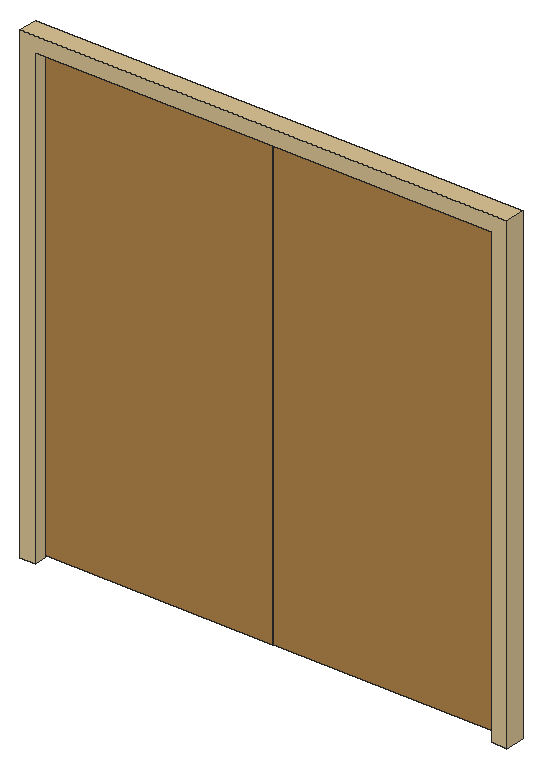
Revit family "DAL_A3-Garage-Timber-Side-Hung-(1)", category Doors, host Wall, Revit 2016
Family settings
  Host = Wall
  Always vertical = Yes
  Cut with Voids When Loaded = No
  Shared = No
  Room Calculation Point = No
Parameters (values of type "2271 x 2205mm Garage Door")
  Wrap Layers (Ext) from Ext = 102.5 mm
  Wrap Layers (Int) from Ext = 177.5 mm
  Vis - Cavity Closers = yes
  Thickness = Door Panel Thickness  # 32.0 mm
  Stile Top Rail = 100.0 mm
  Stile Shutting = 75.0 mm
  Stile Lock Rail = 200.0 mm
  Stile Hanging = 75.0 mm
  Stile Bottom Rail = 25.0 mm
  Rough Width = Width  # 2271.0 mm
  Rough Height = Height  # 2205.0 mm
  Operation = "DoubleDoorSingleSwing"
  O/A Frame Width = 64.0 mm
  Manufacturer = "Revit"
  Keynote = "L20"
  Handle Z Distance = 1050.0 mm
  Glazing Panel Height = 450.0 mm
  Function = Interior
  FrameWidth = 42.0 mm
  FrameOffset - External = 25.0 mm
  FrameDepth = 89.0 mm
  Door Panel Thickness = 32.0 mm
  Height = 2205.0 mm
  Material Door = Door - Panel
  Material Frame = Door -  Frame/Mullion
  Structural Tolerance = 8.0 mm
  Tolerance = 3.0 mm
  Undercut = 10.0 mm
  Wall Closure = By host
  Width = 2271.0 mm
  Cavity Closer Width = 50.0 mm
  Cavity Closer Offset from Ext = 102.5 mm
  Cavity Closer Depth = 85.0 mm
Types (2, lengths in mm): name | Stile Top Rail | Stile Shutting | Stile Hanging | Stile Bottom Rail | Rough Height | Height | Cavity Closer Depth
  2271 x 2052mm | 200.0 | 100.0 | 175.0 | 250.0 | 2052.0 | 2052.0 | 75.0
  2271 x 2205mm Garage Door | 100.0 | 75.0 | 75.0 | 25.0 | 2205.0 | 2205.0 | 85.0
Reference planes
  plane 1: y = 0
  plane 2 "Center L/R": x = 0
  plane 3 "Left": x = -1135.5
  plane 4 "Right": x = 1135.5
  plane 5 "Head Opening": z = 2205
  plane 6 "Exterior": y = 150
  plane 7 "Interior": y = -150
  plane 8 "ST left": x = -1127.5
  plane 9 "ST right": x = 1127.5
  plane 10 "Int frame left": x = -1085.5
  plane 11 "Int frame right": x = 1085.5
  plane 12 "Left T": x = -1082.5
  plane 13 "RHS Leaf Edge": x = 1082.5
  plane 14: z = 2197
  plane 15: z = 2155
  plane 16: z = 2152
  plane 17 "Tol Behind Door Panel": y = 90
  plane 18 "LHS Leaf Edge": x = -1082.5
  plane 19: z = 0
  plane 20 "Door Face": y = 125
  plane 21: y = 36
  plane 22: z = 10
  plane 23: z = 0
  plane 24 "Front Cavity Closer": y = 47.5
  plane 25 "Mid LHS Leaf": x = -1.5
  plane 26 "Mid RHS Leaf": x = 1.5
  plane 27: y = 62
  plane 28 "Back of Door": y = 93
  plane 29: z = 2052
  plane 30: x = 1007.5
  plane 31: x = 76.5
  plane 32: z = 35
  plane 33: x = -76.5
  plane 34: x = -1007.5
  plane 35: y = 47.5
  plane 36: y = -27.5
Forms (mm)
  Sweep 1, solid, material "Door -  Frame/Mullion" <- "Material Frame"
    path origin (0, 125, 0) x (1, 0, 0) y (0, 0, 1)
      loop
        line (1127.5, 0) -> (1127.5, 2197) -> (-1127.5, 2197) -> (-1127.5, 0)
    profile origin (0, 0, 1098.5) x (-1, 0, 0) y (0, -1, 0)
      loop
        line (-1135.5, -125) -> (-1085.5, -125) -> (-1085.5, -90) -> (-1063.5, -90) -> (-1063.5, -36) -> (-1135.5, -36) -> (-1135.5, -125)
  Extrusion 2, solid, material "Door - Panel" <- "Material Door"
    sketch origin (0, 125, 0) x (1, 0, 0) y (0, 0, 1)
      loop
        line (1082.5, 10) -> (1082.5, 2152) -> (1.5, 2152) -> (1.5, 10) -> (1082.5, 10)
      loop
        line (-1.5, 10) -> (-1.5, 2152) -> (-1082.5, 2152) -> (-1082.5, 10) -> (-1.5, 10)
    from 0 to 32
  Extrusion 3, void
    sketch origin (0, 125, 0) x (-1, 0, 0) y (0, 0, 1)
      loop
        line (-1007.5, 35) -> (-76.5, 35) -> (-76.5, 2052) -> (-1007.5, 2052) -> (-1007.5, 35)
      loop
        line (76.5, 2052) -> (76.5, 35) -> (1007.5, 35) -> (1007.5, 2052) -> (76.5, 2052)
    from 0 to -5
Cuts and joins
  Extrusion 3 cuts Sweep 1
  Extrusion 3 cuts Extrusion 2
Lines and regions (mm)
  Opening 1
    outline origin (-5000, -150, 0) x (1, 0, 0) y (0, 0, 1)
      loop
        line (6135.5, 2205) -> (3864.5, 2205) -> (3864.5, 0) -> (6135.5, 0) -> (6135.5, 2205)
  symbolic lines, style "Structural Opening", detail levels medium+fine
    curve 1: line (-1135.5, 0, 0) -> (-1135.5, 0, 2205)
    curve 2: line (-1135.5, 0, 2205) -> (1135.5, 0, 2205)
    curve 3: line (1135.5, 0, 2205) -> (1135.5, 0, 0)
    curve 4: line (-1135.5, 0, 0) -> (1135.5, 0, 0)
  symbolic lines, style "Cavity Closer", visible <- "Vis - Cavity Closers", detail levels medium+fine
    curve 5: line (-1185.5, -37.5, 0) -> (-1135.5, -37.5, 0)
    curve 6: line (-1185.5, 47.5, 0) -> (-1185.5, -37.5, 0)
    curve 7: line (-1135.5, 47.5, 0) -> (-1185.5, 47.5, 0)
    curve 8: line (-1135.5, -37.5, 0) -> (-1135.5, 47.5, 0)
    curve 9: line (1135.5, -37.5, 0) -> (1185.5, -37.5, 0)
    curve 10: line (1135.5, 47.5, 0) -> (1135.5, -37.5, 0)
    curve 11: line (1185.5, 47.5, 0) -> (1135.5, 47.5, 0)
    curve 12: line (1185.5, -37.5, 0) -> (1185.5, 47.5, 0)
    curve 13: line (-1185.5, -37.5, 0) -> (-1135.5, 47.5, 0)
    curve 14: line (-1185.5, 47.5, 0) -> (-1135.5, -37.5, 0)
    curve 15: line (1135.5, -37.5, 0) -> (1185.5, 47.5, 0)
    curve 16: line (1135.5, 47.5, 0) -> (1185.5, -37.5, 0)
  symbolic lines, style "Elevation Swing"
    curve 17: line (0, 0, 0) -> (1063.5, 0, 1076)
    curve 18: line (1063.5, 0, 1076) -> (0, 0, 2133)
    curve 19: line (0, 0, 2133) -> (-1063.5, 0, 1076)
    curve 20: line (0, 0, 0) -> (-1063.5, 0, 1076)
  symbolic lines, style "DoorsFrameMullionProjection"
    curve 21: line (1085.5, 0, 0) -> (-1082.5, 0, 0)
    curve 22: line (1085.5, 0, 2152) -> (1085.5, 0, 0)
    curve 23: line (-1082.5, 0, 2152) -> (1085.5, 0, 2152)
    curve 24: line (-1082.5, 0, 0) -> (-1082.5, 0, 2152)
    curve 25: line (0, 0, 2152) -> (0, 0, 0)
    curve 26: line (1160.5, 0, -15.905) -> (1160.5, 0, 0)
  symbolic lines, style "DoorsPanelProjection", detail levels medium+fine
    curve 27: line (1082.5, 124, 0) -> (1038.5, 124, 0)
    curve 29: line (1082.5, 1205, 0) -> (1038.5, 1205, 0)
    curve 30: line (1038.5, 124, 0) -> (1038.5, 1205, 0)
    curve 33: line (-1082.5, 125, 0) -> (-1050.5, 125, 0)
    curve 35: line (-1082.5, 1205, 0) -> (-1050.5, 1205, 0)
    curve 36: line (-1050.5, 125, 0) -> (-1050.5, 1205, 0)
  symbolic lines, style "DoorsPanelProjection"
    curve 28: line (1082.5, 1205, 0) -> (1082.5, 124, 0)
    curve 34: line (-1082.5, 1205, 0) -> (-1082.5, 125, 0)
    curve 56: line (1007.5, 0, 2052) -> (1007.5, 0, 35)
    curve 57: line (1007.5, 0, 35) -> (76.5, 0, 35)
    curve 58: line (76.5, 0, 35) -> (76.5, 0, 2052)
    curve 59: line (76.5, 0, 2052) -> (1007.5, 0, 2052)
    curve 60: line (-1007.5, 0, 2052) -> (-76.5, 0, 2052)
    curve 61: line (-76.5, 0, 2052) -> (-76.5, 0, 35)
    curve 62: line (-76.5, 0, 35) -> (-1007.5, 0, 35)
    curve 63: line (-1007.5, 0, 35) -> (-1007.5, 0, 2052)
  symbolic lines, style "Plan Swing"
    curve 31: arc (1.5, 124, 0) -> (318.118, 888.382, 0) -> (1082.5, 1205, 0) r 1081
    curve 32: arc (-1.5, 124, 0) -> (-318.118, 888.382, 0) -> (-1082.5, 1205, 0) r 1081
  model lines, detail levels medium+fine
    curve 37: line (636.1, 125, 35) -> (636.1, 125, 2052)
    curve 38: line (-448.9, 125, 35) -> (-448.9, 125, 2052)
    curve 39: line (635.1, 125, 35) -> (635.1, 125, 2052)
    curve 40: line (-542, 125, 35) -> (-542, 125, 2052)
    curve 41: line (542, 125, 35) -> (542, 125, 2052)
    curve 42: line (-635.1, 125, 35) -> (-635.1, 125, 2052)
    curve 43: line (448.9, 125, 35) -> (448.9, 125, 2052)
    curve 44: line (-728.2, 125, 35) -> (-728.2, 125, 2052)
    curve 45: line (355.8, 125, 35) -> (355.8, 125, 2052)
    curve 46: line (-821.3, 125, 35) -> (-821.3, 125, 2052)
    curve 47: line (262.7, 125, 35) -> (262.7, 125, 2052)
    curve 48: line (-914.4, 125, 35) -> (-914.4, 125, 2052)
    curve 49: line (169.6, 125, 35) -> (169.6, 125, 2052)
    curve 50: line (-262.7, 125, 35) -> (-262.7, 125, 2052)
    curve 51: line (821.3, 125, 35) -> (821.3, 125, 2052)
    curve 52: line (-355.8, 125, 35) -> (-355.8, 125, 2052)
    curve 53: line (728.2, 125, 35) -> (728.2, 125, 2052)
    curve 54: line (-169.6, 125, 35) -> (-169.6, 125, 2052)
    curve 55: line (914.4, 125, 35) -> (914.4, 125, 2052)
Text (mm)
  text "Exterior" at (-1796.445, 976.134, 0), in view "Ref. Level"
  text "Exterior" at (0, 1615.38, 2893.938), in view "Left"
  text "Exterior" at (0, 1036.032, 3874.932), in view "Right"
Dimensions and locks
  equal spacing: plane 3 "Left", plane 2 "Center L/R", plane 4 "Right"
  "Width": plane 3 "Left" to plane 4 "Right"
  "Height": level to plane 5 "Head Opening"
  locked: plane 6 "Exterior" to host wall at 0
  locked: plane 7 "Interior" to host wall
  "Structural Tolerance": plane 3 "Left" to plane 8 "ST left"
  "Structural Tolerance": plane 9 "ST right" to plane 4 "Right"
  "Tolerance": plane 13 "RHS Leaf Edge" to plane 11 "Int frame right"
  "Structural Tolerance": plane 5 "Head Opening" to plane 14
  "Tolerance": plane 15 to plane 16
  "Tolerance": plane 10 "Int frame left" to plane 18 "LHS Leaf Edge"
  "FrameDepth": plane 21 to plane 20 "Door Face"
  "FrameWidth": plane 8 "ST left" to plane 10 "Int frame left"
  "FrameWidth": plane 11 "Int frame right" to plane 9 "ST right"
  "O/A Frame Width": Sweep 1 sketch curve to plane 9 "ST right"
  "FrameOffset - External": plane 20 "Door Face" to plane 6 "Exterior"
  "Undercut": plane 23 to plane 22
  "FrameWidth": plane 14 to plane 15
  "Cavity Closer Offset from Ext": plane 24 "Front Cavity Closer" to plane 6 "Exterior"
  "Cavity Closer Depth": curve 5 to plane 24 "Front Cavity Closer"
  "Cavity Closer Depth": curve 9 to plane 24 "Front Cavity Closer"
  "Cavity Closer Width": curve 6 to plane 3 "Left"
  "Cavity Closer Width": plane 4 "Right" to curve 12
  "Cavity Closer Offset from Ext": nested 2 to plane 6 "Exterior"
  "Tolerance": plane 25 "Mid LHS Leaf" to plane 26 "Mid RHS Leaf"
  equal spacing: plane 25 "Mid LHS Leaf", plane 2 "Center L/R", plane 26 "Mid RHS Leaf"
  equal spacing: level, curve 18, plane 16
  equal spacing: level, curve 20, plane 16
  "Door Panel Thickness": curve 34 to curve 36
  "Door Panel Thickness": plane 28 "Back of Door" to plane 20 "Door Face"
  "Tolerance": plane 17 "Tol Behind Door Panel" to plane 28 "Back of Door"
  "Stile Hanging": plane 13 "RHS Leaf Edge" to plane 30
  "Stile Hanging": plane 18 "LHS Leaf Edge" to plane 34
  "Stile Bottom Rail": plane 22 to plane 32
  "Stile Top Rail": plane 29 to plane 16
  "Stile Shutting": plane 26 "Mid RHS Leaf" to plane 31
  "Stile Shutting": plane 33 to plane 25 "Mid LHS Leaf"
  equal spacing: plane 30, curve 55, curve 51, curve 53, curve 39, curve 41, curve 43, curve 45, curve 47, curve 49, plane 31
  equal spacing: plane 33, curve 54, curve 50, curve 52, curve 38, curve 40, curve 42, curve 44, curve 46, curve 48, plane 34
  "Wrap Layers (Ext) from Ext": plane 35 to plane 6 "Exterior"
  "Wrap Layers (Int) from Ext": plane 36 to plane 6 "Exterior"
  aligned and locked: plane 1 to host wall
  aligned and locked: plane 9 "ST right" to Sweep 1 sketch curve
  aligned and locked: plane 14 to Sweep 1 sketch curve
  aligned and locked: profile plane to plane 9 "ST right"
  aligned and locked: Sweep 1 sketch curve to plane 4 "Right"
  aligned and locked: plane 11 "Int frame right" to Sweep 1 sketch curve
  aligned and locked: plane 21 to Sweep 1 sketch curve
  aligned and locked: Sweep 1 sketch curve to plane 20 "Door Face"
  aligned and locked: plane 3 "Left" to nested 1
  aligned and locked: nested 1 to plane 24 "Front Cavity Closer"
  aligned and locked: nested 2 to plane 4 "Right"
  aligned and locked: level to Sweep 1 sketch curve  (x2)
  aligned and locked: level to plane 23
  aligned and locked: Sweep 1 sketch curve to plane 17 "Tol Behind Door Panel"
  aligned and locked: plane 18 "LHS Leaf Edge" to plane 12 "Left T"
  aligned and locked: plane 22 to Extrusion 2 sketch curve  (x2)
  aligned and locked: plane 26 "Mid RHS Leaf" to Extrusion 2 sketch curve
  aligned and locked: Extrusion 2 sketch curve to plane 25 "Mid LHS Leaf"
  aligned and locked: Extrusion 2 sketch curve to plane 16  (x2)
  aligned and locked: Extrusion 2 sketch curve to plane 13 "RHS Leaf Edge"
  aligned and locked: plane 18 "LHS Leaf Edge" to Extrusion 2 sketch curve
  aligned and locked: Extrusion 2 to plane 28 "Back of Door"
  aligned and locked: curve 56 to cut or joined group of Extrusion 2, Extrusion 3
  aligned and locked: curve 57 to cut or joined group of Extrusion 2, Extrusion 3
  aligned and locked: curve 58 to cut or joined group of Extrusion 2, Extrusion 3
  aligned and locked: curve 59 to cut or joined group of Extrusion 2, Extrusion 3
  aligned and locked: curve 60 to cut or joined group of Extrusion 2, Extrusion 3
  aligned and locked: curve 61 to cut or joined group of Extrusion 2, Extrusion 3
  aligned and locked: curve 62 to cut or joined group of Extrusion 2, Extrusion 3
  aligned and locked: curve 63 to cut or joined group of Extrusion 2, Extrusion 3
  aligned and locked: Extrusion 3 sketch curve to plane 29
  aligned and locked: plane 29 to Extrusion 3 sketch curve
  aligned and locked: plane 24 "Front Cavity Closer" to nested 2
Automatic sketch dimensions
  Sweep 1 sketch curve to plane 8 "ST left" = 0.0 mm
  curve 8 to plane 3 "Left" = 0.0 mm
  curve 16 to plane 4 "Right" = 0.0 mm
  curve 8 to plane 24 "Front Cavity Closer" = 0.0 mm
  curve 10 to plane 24 "Front Cavity Closer" = 0.0 mm
  curve 32 to plane 12 "Left T" = 0.0 mm
  curve 32 to plane 25 "Mid LHS Leaf" = 0.0 mm
  curve 31 to plane 26 "Mid RHS Leaf" = 0.0 mm
  curve 27 to plane 13 "RHS Leaf Edge" = 0.0 mm
  plane 20 "Door Face" to curve 30 = 1.0 mm
  plane 13 "RHS Leaf Edge" to curve 30 = 44.0 mm
  curve 31 to curve 27 = 0.0 mm
  plane 20 "Door Face" to curve 32 = 1.0 mm
  curve 36 to plane 20 "Door Face" = 0.0 mm
  Extrusion 3 sketch curve to plane 30 = 0.0 mm
  Extrusion 3 sketch curve to plane 31 = 0.0 mm
  Extrusion 3 sketch curve to plane 33 = 0.0 mm
  Extrusion 3 sketch curve to plane 34 = 0.0 mm
  Extrusion 3 sketch curve to plane 32 = 0.0 mm  (x2)
  curve 1 to plane 3 "Left" = 0.0 mm
  curve 1 to plane 5 "Head Opening" = 0.0 mm
  curve 25 to plane 2 "Center L/R" = 0.0 mm
  curve 25 to plane 16 = 0.0 mm
  curve 19 to plane 2 "Center L/R" = 0.0 mm
  curve 40 to plane 32 = 0.0 mm
  curve 54 to plane 32 = 0.0 mm
  curve 41 to plane 32 = 0.0 mm
  curve 53 to plane 32 = 0.0 mm
  curve 42 to plane 32 = 0.0 mm
  curve 52 to plane 32 = 0.0 mm
  curve 55 to plane 32 = 0.0 mm
  curve 51 to plane 32 = 0.0 mm
  curve 44 to plane 32 = 0.0 mm
  curve 39 to plane 32 = 0.0 mm
  curve 45 to plane 32 = 0.0 mm
  curve 50 to plane 32 = 0.0 mm
  curve 46 to plane 32 = 0.0 mm
  curve 37 to plane 32 = 0.0 mm
  curve 47 to plane 32 = 0.0 mm
  curve 43 to plane 32 = 0.0 mm
  curve 48 to plane 32 = 0.0 mm
  curve 38 to plane 32 = 0.0 mm
  curve 49 to plane 32 = 0.0 mm
  curve 20 to level = 0.0 mm
  curve 4 to level = 0.0 mm
  curve 26 to level = 0.0 mm
  curve 23 to plane 12 "Left T" = 0.0 mm
  curve 23 to plane 11 "Int frame right" = 0.0 mm
  curve 4 to plane 4 "Right" = 0.0 mm
  plane 16 to curve 19 = 19.0 mm
  curve 26 to level = 15.905 mm
  curve 20 to plane 12 "Left T" = 19.0 mm
  curve 39 to curve 37 = 1.0 mm
  plane 13 "RHS Leaf Edge" to curve 17 = 19.0 mm
  curve 3 to curve 26 = 25.0 mm
  curve 55 to curve 56 = 0.0 mm
  curve 54 to curve 60 = 0.0 mm
  curve 53 to curve 55 = 0.0 mm
  curve 52 to curve 54 = 0.0 mm
  curve 51 to curve 55 = 0.0 mm
  curve 50 to curve 52 = 0.0 mm
  curve 43 to curve 53 = 0.0 mm
  curve 49 to curve 58 = 0.0 mm
  curve 48 to curve 60 = 0.0 mm
  curve 47 to curve 49 = 0.0 mm
  curve 46 to curve 48 = 0.0 mm
  curve 37 to curve 53 = 0.0 mm
  curve 45 to curve 43 = 0.0 mm
  curve 38 to curve 52 = 0.0 mm
  curve 44 to curve 46 = 0.0 mm
  curve 39 to curve 37 = 0.0 mm
  curve 40 to curve 38 = 0.0 mm
  curve 42 to curve 40 = 0.0 mm
  curve 41 to curve 39 = 0.0 mm
  Opening 1 sketch curve to plane 3 "Left" = 0.0 mm
  Opening 1 sketch curve to level = 0.0 mm
  Opening 1 sketch curve to plane 4 "Right" = 0.0 mm
  Opening 1 sketch curve to plane 5 "Head Opening" = 0.0 mm
Nested families
  nested 1: "Cavity Closer" at (-1185.5, 47.5, 0), visible <- "Vis - Cavity Closers", type "Cavity Closer", detail levels medium+fine
  nested 2: "Cavity Closer" at (1135.5, 47.5, 0), visible <- "Vis - Cavity Closers", type "Cavity Closer", detail levels medium+fine
Definition of nested family "Cavity Closer"
  Parameters
    Closer Width = 50.0 mm
    Closer Depth = 75.0 mm
  Reference planes
    plane 1 "Center (Front/Back)": y = 0
    plane 2: z = 0
    plane 3 "Center (Left/Right)": x = 0
    plane 4: x = 50, in view "Ref. Level"
    plane 5: y = -75, in view "Ref. Level"
  Lines and regions (mm)
    Masking region 1, in view "Ref. Level"
      outline origin (0, 0, 0) x (1, 0, 0) y (0, 1, 0)
        loop
          line (0, 0) -> (0, -75) -> (50, -75) -> (50, 0) -> (0, 0)
  Dimensions and locks
    "Closer Width": plane 3 "Center (Left/Right)" to plane 4
    "Closer Depth": plane 5 to plane 1 "Center (Front/Back)"
  Automatic sketch dimensions
    Masking region 1 sketch curve to plane 3 "Center (Left/Right)" = 0.0 mm
    Masking region 1 sketch curve to plane 4 = 0.0 mm
    Masking region 1 sketch curve to plane 5 = 0.0 mm
    Masking region 1 sketch curve to plane 1 "Center (Front/Back)" = 0.0 mm
